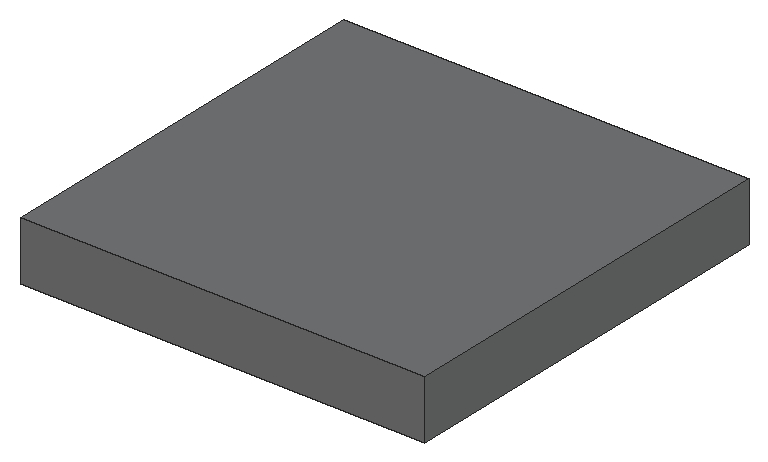
Revit family "Gira_027027", category Electrical Fixtures, host Face, Revit 2017
Family settings
  Host = Face
  Maintain Annotation Orientation = No
  Round Connector Dimension = Use Diameter
  Part Type = Normal
  Cut with Voids When Loaded = No
  Shared = No
  Room Calculation Point = No
Parameters (values of type "Abd. UAE/IAE + Netzwerk System 55 Reinweiß m")
  Zusammenstellung = "Zentralplatte"
  Werkstoffgüte = "sonstige"
  Werkstoff = "Kunststoff"
  Verwendung = "UAE/IAE"
  URL = "http://katalog.gira.de/de_DE/datenblatt.html?artikelnr=027027"
  Transparent = "No"
  Tragring = "No"
  Region = "DE"
  RAL-Nummer (ähnlich) = "9010 "
  Oberfläche = "sonstige"
  Name = "Abd. UAE/IAE + Netzwerk System 55 Reinweiß m"
  Montageart = "unter Putz"
  Mit Zugentlastung = "No"
  Mit Staubschutz = "No"
  Mit Klappdeckel = "No"
  Mit Aufdruck = "No"
  Manufacturer URL = "https://www.gira.de/"
  Lüsterklemme = "No"
  Keynote = "Sys55_Abdeckung_Schalten und Tasten"
  HeinzeBIM = "https://bimportal.heinze.de/bim/abd-uae-iae-netzwerk-system-55-reinweiss-m/d5557eac2006fcb898c2c18dc32f45103d1dde49"
  Halogenfrei = "Yes"
  HAN = "027027"
  Geeignet für Schutzart (IP) = "IP20"
  GTIN = "4010337270270"
  Farbe = "weiß"
  Default Elevation = 1219.2 mm
  Data sheet (1) = "https://katalog.gira.de/de_DE/download.html?artikelnr=027027"
  Category = "Einsatz/Abdeckung für Kommunikationstechnik"
  Beschriftungsfeld = "ohne Beschriftungsfeld"
  Befestigungsart = "Befestigung mit Schraube"
  Available = "Yes"
  Ausführung der Oberfläche = "matt"
  Anthrazit [instance] = Anthrazit
Reference planes
  plane 1 "Center (Front/Back)": y = 0
  plane 2: z = 0
  plane 3 "Center (Left/Right)": x = 0
Forms (mm)
  Extrusion 1, solid, material "Anthrazit" <- "Anthrazit", detail levels fine
    sketch origin (0, 0, 0) x (1, 0, 0) y (0, 1, 0)
      loop
        line (-27.5, 27.5) -> (-27.5, -27.5) -> (27.5, -27.5) -> (27.5, 27.5) -> (-27.5, 27.5)
    from 0 to 8
  Extrusion 2, void
    sketch origin (0, 0, 0) x (1, 0, 0) y (0, 1, 0)
      loop
        line (26, 26) -> (-26, 26) -> (-26, -26) -> (26, -26) -> (26, 26)
    from 0 to 6
  Extrusion 3, solid, material "Anthrazit" <- "Anthrazit", detail levels medium
    sketch origin (0, 0, 0) x (1, 0, 0) y (0, 1, 0)
      loop
        line (-27.5, 27.5) -> (-27.5, -27.5) -> (27.5, -27.5) -> (27.5, 27.5) -> (-27.5, 27.5)
    from 0 to 8
  Extrusion 4, solid, material "Anthrazit" <- "Anthrazit", detail levels medium
    sketch origin (0, 0, 0) x (1, 0, 0) y (0, 1, 0)
      loop
        line (11, -17.5) -> (11, 17.5) -> (-11, 17.5) -> (-11, -17.5) -> (11, -17.5)
    from -6 to 6
  Extrusion 5, solid, material "Anthrazit" <- "Anthrazit", detail levels fine
    sketch origin (0, 0, 0) x (1, 0, 0) y (0, 1, 0)
      loop
        line (11, 17.5) -> (-11, 17.5) -> (-11, 16.5) -> (11, 16.5) -> (11, 17.5)
      loop
        line (-11, -16.5) -> (-11, -17.5) -> (11, -17.5) -> (11, -16.5) -> (-11, -16.5)
    from -4 to 6
  Extrusion 6, solid, material "Anthrazit" <- "Anthrazit", detail levels fine
    sketch origin (0, 0, 0) x (1, 0, 0) y (0, 1, 0)
      loop
        arc (5, 9.347) -> (0, 10.6) -> (-5, 9.347) r 10.6
        line (-5, 9.347) -> (-5, -9.347)
        arc (-5, -9.347) -> (0, -10.6) -> (5, -9.347) r 10.6
        line (5, -9.347) -> (5, 9.347)
    from -6 to 6
  Extrusion 7, solid, material "Anthrazit" <- "Anthrazit", detail levels coarse
    sketch origin (0, 0, 0) x (1, 0, 0) y (0, 1, 0)
      loop
        line (-27.5, 27.5) -> (-27.5, -27.5) -> (27.5, -27.5) -> (27.5, 27.5) -> (-27.5, 27.5)
    from -6 to 8
Cuts and joins
  Extrusion 2 cuts Extrusion 1
Dimensions and locks
  aligned and locked: plane 2 to host face
  aligned and locked: level to host face
